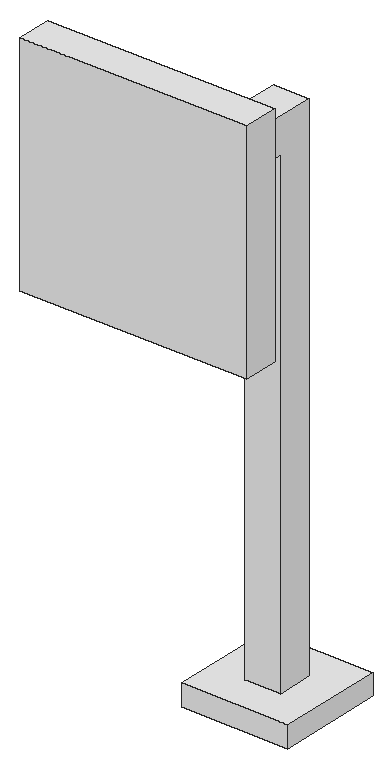
Revit family "Deca_Chuveiro Acqua Plus Quadratta_1990.C.CT.QUA_Tubo de Parede", category Plumbing Fixtures, host Face, Revit 2010
Parameters (values of type "1990.C.CT.QUA_Cromado CR10")
  WFU = 0
  Vendido Separadamente = ""
  Variações de COR = "Cromado (1990.C.CT.QUA)"  # constant formula
  URL = "www.deca.com.br/produtos"
  Segmento = "Luxo"  # constant formula
  Raio Ponto de Agua = 7.5 mm
  Produto = "Chuveiro Acqua Plus Quadratta com Tubo de Parede"  # constant formula
  Pressão = "2 A 40 mca"  # constant formula
  Peso Liquido (Kg) = 2.77  # constant formula
  Norma = "ABNT NBR 15206: 2005"  # constant formula
  Model = Código  # "1990.C.CT.QUA"
  Material = "Deca_Latão Cromado e Plástico de Engenharia"  # constant formula
  Manufacturer = "Deca"  # constant formula
  Louça/Metais = "Metal"  # constant formula
  Linha = "Acqua Plus Quadratta"  # constant formula
  Informações Complementares = "  Recomendável com pressão mínima de 6 m.c.a para aquecedor de passagem e de 2 m.c.a para aquecedor de acumulação."  # constant formula
  HWFU = 0
  Flow Pressure = 0.00 psi
  Diâmetro Ponto de Agua = Raio Ponto de Agua * 2  # 15 mm
  Description = "Chuveiro"  # constant formula
  Default Elevation = 2000 mm
  Código = "1990.C.CT.QUA"  # constant formula
  Criado por = "Contino/quattroD"  # constant formula
  Consumo = "Varia conforme a pressão (consultar catálogo)"  # constant formula
  Chuveiro = Deca CR10 Cromado Metal
  CWFU = 0
  Atendimento ao Cliente = "0800-0117076"  # constant formula
  Assembly Code = "D2020"
  Aprovado por = "Contino/quattroD"  # constant formula
  Acompanha o Produto = "Tubo de Parede"  # constant formula
Reference planes
  plane 1 "Center (Front/Back)": y = 0
  plane 2: z = 0
  plane 3 "Center (Left/Right)": x = 0
  plane 4 "Top 1": z = 12
  plane 5 "Left 1": x = -30
  plane 6 "Right 1": x = 30
  plane 7 "Front 1": y = -30
  plane 8 "Back 1": y = 30
  plane 9 "Top 2": z = 230.271
  plane 10 "Front 2": y = -104.876
  plane 11 "Top 3": z = 358.271
  plane 12 "Right 2": x = 64
  plane 13 "Left 2": x = -64
Forms (mm)
  Extrusion 1, solid, material "Deca CR10 Cromado Metal" <- "Chuveiro"
    sketch origin (0, 0, 0) x (1, 0, 0) y (0, 1, 0)
      loop
        line (-30, 30) -> (-30, -30) -> (30, -30) -> (30, 30) -> (-30, 30)
    from 0 to 12
  Extrusion 2, solid, material "Deca CR10 Cromado Metal" <- "Chuveiro"
    sketch origin (0, 0, 0) x (1, 0, 0) y (0, 1, 0)
      loop
        line (-64, -81.904) -> (-64, -101.659) -> (64, -101.659) -> (64, -81.904) -> (-64, -81.904)
    from 230.194 to 358.194
  Sweep 3, solid, material "Deca CR10 Cromado Metal" <- "Chuveiro"
    path origin (0, 0, 0) x (0, 1, 0) y (0, 0, 1)
      loop
        line (0, 12) -> (0, 294.325) -> (-30, 294.325)
    profile origin (0, 0, 153.162) x (0, -1, 0) y (1, 0, 0)
      loop
        line (-10, -10) -> (10, -10) -> (10, 10) -> (-10, 10) -> (-10, -10)
  Revolve 4, solid, material "Deca CR10 Cromado Metal" <- "Chuveiro"
    sketch origin (0, 0, 293.75) x (1, 0, 0) y (0, 1, 0)
      loop
        line (0, -30) -> (-7.719, -30) -> (-7.719, -36.948) -> (-20.345, -36.948) -> (-20.345, -64.548) -> (-16.5, -64.548) -> (-16.5, -66.059) -> (-23, -66.059) -> (-23, -81.904) -> (0, -81.904) -> (0, -30)
      axis (0, -30) -> (0, -81.904)
    angle from 0 to 360
Lines and regions (mm)
  Masking region 1
    outline origin (0, 0, 0) x (1, 0, 0) y (0, 1, 0)
      loop
        arc (-14.79, -104.878) -> (-16.56, -104.311) -> (-17.657, -102.81) r 3
        line (-17.657, -102.81) -> (-18.037, -101.659) -> (-64, -101.659) -> (-64, -81.659) -> (-23, -81.659) -> (-23, -66.059) -> (-16.5, -66.059) -> (-16.5, -64.548) -> (-20.4, -64.548) -> (-20.4, -35.948) -> (-7.25, -35.948) -> (-7.25, -30) -> (-30, -30) -> (-30, 30) -> (30, 30) -> (30, -30) -> (7.25, -30) -> (7.25, -35.948) -> (20.4, -35.948) -> (20.4, -64.548) -> (16.5, -64.548) -> (16.5, -66.059) -> (23, -66.059) -> (23, -81.659) -> (64, -81.659) -> (64, -101.659) -> (18.037, -101.659) -> (17.657, -102.81)
        arc (17.657, -102.81) -> (16.837, -104.085) -> (15.5, -104.796) r 3
        line (15.5, -104.796) -> (-14.79, -104.949)
  Masking region 2
    outline origin (0, 0, 0) x (1, 0, 0) y (0, 0, 1)
      loop
        line (64, 358.271) -> (-64, 358.271) -> (-64, 230.271) -> (-11, 230.271) -> (-11, 12) -> (-30, 12) -> (-30, 0) -> (30, 0) -> (30, 12) -> (11, 12) -> (11, 230.271) -> (64, 230.271) -> (64, 358.271)
  Masking region 3
    outline origin (0, 0, 0) x (0, 1, 0) y (0, 0, 1)
      loop
        line (10.325, 12) -> (10.325, 305.28) -> (-28.257, 305.28) -> (-28.257, 301.497) -> (-36.38, 301.497) -> (-36.38, 314.641) -> (-64.813, 314.641) -> (-64.813, 310.717) -> (-66.321, 310.717) -> (-66.321, 317.215) -> (-81.927, 317.215) -> (-81.927, 358.271) -> (-101.961, 358.271) -> (-101.961, 310.717) -> (-104.876, 310.717) -> (-104.876, 277.587) -> (-101.961, 277.587) -> (-101.961, 230.032) -> (-81.927, 230.032) -> (-81.927, 271.088) -> (-66.321, 271.088) -> (-66.321, 277.587) -> (-64.813, 277.587) -> (-64.813, 273.663) -> (-36.38, 273.663) -> (-36.38, 286.806) -> (-28.257, 286.806) -> (-28.257, 283.18) -> (-11.239, 283.18) -> (-11.01, 11.991) -> (-30.01, 11.991) -> (-30, 0) -> (30, 0) -> (30, 12) -> (10.325, 12)
  symbolic lines
    curve 1: line (0, 10.325, 12) -> (0, -11.01, 11.991)
    curve 2: line (-11, 0, 12) -> (11, 0, 12)
    curve 3: line (11, -28, 0) -> (-11, -28, 0)
    curve 4: line (-11, -28, 0) -> (-11, 11, 0)
    curve 5: line (-11, 11, 0) -> (11, 11, 0)
    curve 6: line (11, 11, 0) -> (11, -28, 0)
    curve 7: line (-7.25, -35.948, 0) -> (7.25, -35.948, 0)
    curve 8: line (20.4, -36.948, 0) -> (-20.4, -36.948, 0)
    curve 9: line (-16.5, -64.548, 0) -> (16.5, -64.548, 0)
    curve 10: line (16.5, -66.059, 0) -> (-16.5, -66.059, 0)
    curve 11: line (-23, -81.659, 0) -> (23, -81.659, 0)
    curve 12: line (-18.037, -101.659, 0) -> (18.037, -101.659, 0)
    curve 13: line (7.719, -30, 0) -> (7.719, -28, 0)
    curve 14: line (-7.25, -30, 0) -> (-7.25, -28, 0)
    curve 15: line (-11, 0, 305.271) -> (11, 0, 305.271)
    curve 16: arc (11, 0, 273.788) -> (0, 0, 317.521) -> (-11, 0, 273.788) r 23.25
    curve 17: line (59, 0, 232.771) -> (11, 0, 232.771)
    curve 18: arc (59, 0, 232.771) -> (60.768, 0, 233.503) -> (61.5, 0, 235.271) r 2.5
    curve 19: line (61.5, 0, 235.271) -> (61.5, 0, 353.271)
    curve 20: line (-11, 0, 232.771) -> (-59, 0, 232.771)
    curve 21: arc (-61.5, 0, 235.271) -> (-60.768, 0, 233.503) -> (-59, 0, 232.771) r 2.5
    curve 22: line (-61.5, 0, 353.271) -> (-61.5, 0, 235.271)
    curve 23: arc (-59, 0, 355.771) -> (-60.768, 0, 355.039) -> (-61.5, 0, 353.271) r 2.5
    curve 24: line (-59, 0, 355.771) -> (59, 0, 355.771)
    curve 25: arc (61.5, 0, 353.271) -> (60.768, 0, 355.039) -> (59, 0, 355.771) r 2.5
    curve 26: arc (12.116, 0, 279.12) -> (-0.695, 0, 313.659) -> (-11, 0, 278.291) r 19.4
    curve 27: line (11, 0, 230.271) -> (11, 0, 305.271)
    curve 28: line (-11, 0, 305.271) -> (-11, 0, 230.271)
    curve 29: line (0, -101.961, 310.717) -> (0, -101.961, 277.587)
    curve 30: line (0, -81.927, 317.215) -> (0, -81.927, 271.088)
    curve 31: line (0, -64.813, 310.717) -> (0, -64.813, 277.587)
    curve 32: line (0, -66.321, 277.587) -> (0, -66.321, 310.717)
    curve 33: line (0, -28.257, 301.497) -> (0, -28.257, 286.806)
    curve 34: line (0, -36.38, 301.497) -> (0, -36.38, 286.806)
Dimensions and locks
  plane 4 "Top 1" to host face = 12 mm
  plane 7 "Front 1" to plane 8 "Back 1" = 60 mm
  host face to plane 4 "Top 1" = 12 mm
  plane 5 "Left 1" to plane 6 "Right 1" = 60 mm  (x2)
  plane 8 "Back 1" to plane 7 "Front 1" = 60 mm
  plane 9 "Top 2" to plane 4 "Top 1" = 218.271 mm
  plane 4 "Top 1" to plane 9 "Top 2" = 218.271 mm
  plane 10 "Front 2" to plane 1 "Center (Front/Back)" = 104.876 mm
  plane 11 "Top 3" to plane 9 "Top 2" = 128 mm  (x2)
  plane 11 "Top 3" to plane 2 = 358.271 mm  (x2)
  plane 13 "Left 2" to plane 12 "Right 2" = 128 mm  (x2)
  plane 8 "Back 1" to plane 10 "Front 2" = 134.876 mm
  aligned and locked: host face to plane 2
  aligned and locked: level to host face
Connectors
  piping at (0, 0, 0), driven by "Raio Ponto de Agua", driven by "Flow Pressure"
    settings: on Extrusion 1, index 1, connector radius 0.29528", flow factor 0, pipe flow 0 GPM, pressure drop 0.00 psi, fitting loss kfactor 0, connector angle 0.00°, fixture units 0, engagement length 0 mm, flow configuration 3, flow direction 1, fitting loss method 4, system type 29, joint type 0, gender type 0, connector reference index -1, connector utility 0, adjustable connector no, is connector primary yes, fitting loss table "", connector description ""
